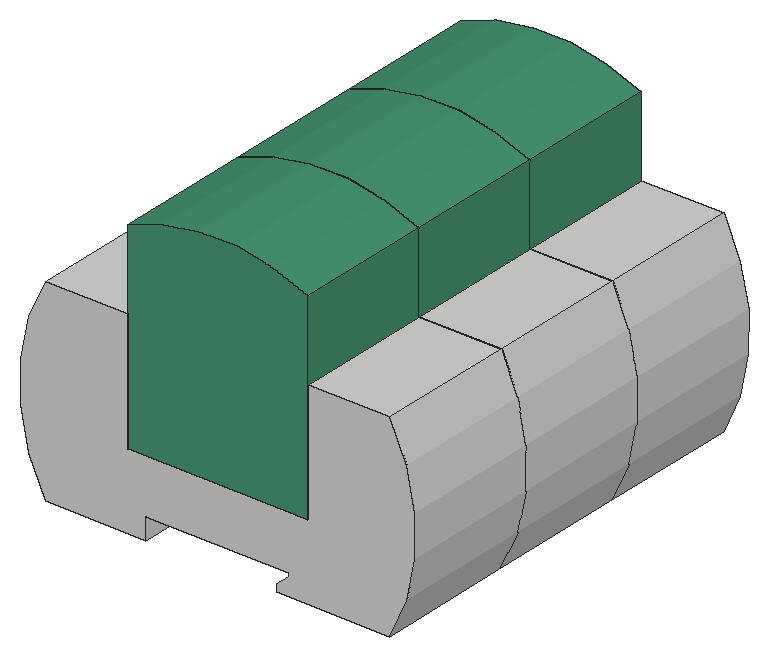
Revit family "Kombiableiter 3-polig", category Generic Models, Revit 2015
Parameters (values of type "MCD 50-B 3")
  Width 1 = 44.9 mm
  Width = 100 mm
  URL = "http://www.obo-bettermann.com"
  Material 2 = PA6 GF20 FR HF RAL 6029
  Material = PA6 MF15 GRAU
  Manufacturer Art.No. = "5096877"
  Manufacturer = "OBO Bettermann"
  Length = 105 mm
  Height 1 = 49.5 mm
  Height = 74.7 mm
  GTIN = "4012195077077"
  Article Type = "MCD 50-B 3"
Reference planes
  plane 1 "Center (Front/Back)": y = 0
  plane 2: z = 0
  plane 3 "Center (Left/Right)": x = 0
  plane 4: z = 49.5
  plane 5: x = -50
  plane 6: x = 50
  plane 7: y = 35
  plane 8: z = 74.7
  plane 9: z = 69.58
  plane 10: y = 70
  plane 11: y = 105
Forms (mm)
  Extrusion 1, solid, material "PA6 MF15 GRAU" <- "Material"
    sketch origin (0, 0, 0) x (1, 0, 0) y (0, 0, 1)
      loop
        line (-18, 0.011) -> (-18, 5.5) -> (18, 5.5) -> (18, 4.48) -> (15, 1.772) -> (15, -0.016) -> (43.44, -0.016)
        arc (43.44, -0.016) -> (49.992, 24.724) -> (43.5, 49.481) r 50.213
        line (43.5, 49.481) -> (22.7, 49.481) -> (22.7, 19) -> (-22.7, 19) -> (-22.7, 49.513) -> (-43.4, 49.513)
        arc (-43.4, 49.513) -> (-50.021, 24.767) -> (-43.44, 0.011) r 49.702
        line (-43.44, 0.011) -> (-18, 0.011)
    from -35 to 0
  Extrusion 2, solid, material "PA6 GF20 FR HF RAL 6029" <- "Material 2"
    sketch origin (0, 0, 0) x (1, 0, 0) y (0, 0, 1)
      loop
        line (-22.7, 69.58) -> (-22.7, 19) -> (22.7, 19) -> (22.7, 69.58)
        arc (22.7, 69.58) -> (0, 74.7) -> (-22.7, 69.58) r 52.881
    from -35 to 0
  Extrusion 3, solid, material "PA6 MF15 GRAU" <- "Material"
    sketch origin (0, 0, 0) x (1, 0, 0) y (0, 0, 1)
      loop
        line (-22.7, 49.513) -> (-43.4, 49.513)
        arc (-43.4, 49.513) -> (-50.021, 24.767) -> (-43.44, 0.011) r 49.702
        line (-43.44, 0.011) -> (-18, 0.011) -> (-18, 5.5) -> (18, 5.5) -> (18, 4.48) -> (15, 1.772) -> (15, -0.016) -> (43.44, -0.016)
        arc (43.44, -0.016) -> (49.992, 24.724) -> (43.5, 49.481) r 50.213
        line (43.5, 49.481) -> (22.7, 49.481) -> (22.7, 19) -> (-22.7, 19) -> (-22.7, 49.513)
    from -70 to -35
  Extrusion 4, solid, material "PA6 MF15 GRAU" <- "Material"
    sketch origin (0, 0, 0) x (1, 0, 0) y (0, 0, 1)
      loop
        line (-22.7, 49.513) -> (-43.4, 49.513)
        arc (-43.4, 49.513) -> (-50.021, 24.767) -> (-43.44, 0.011) r 49.702
        line (-43.44, 0.011) -> (-18, 0.011) -> (-18, 5.5) -> (18, 5.5) -> (18, 4.48) -> (15, 1.772) -> (15, -0.016) -> (43.44, -0.016)
        arc (43.44, -0.016) -> (49.992, 24.724) -> (43.5, 49.481) r 50.213
        line (43.5, 49.481) -> (22.7, 49.481) -> (22.7, 19) -> (-22.7, 19) -> (-22.7, 49.513)
    from -105 to -70
  Extrusion 5, solid, material "PA6 GF20 FR HF RAL 6029" <- "Material 2"
    sketch origin (0, 0, 0) x (1, 0, 0) y (0, 0, 1)
      loop
        line (-22.7, 69.58) -> (-22.7, 19) -> (22.7, 19) -> (22.7, 69.58)
        arc (22.7, 69.58) -> (0, 74.7) -> (-22.7, 69.58) r 52.881
    from -70 to -35
  Extrusion 6, solid, material "PA6 GF20 FR HF RAL 6029" <- "Material 2"
    sketch origin (0, 0, 0) x (1, 0, 0) y (0, 0, 1)
      loop
        line (-22.7, 69.58) -> (-22.7, 19) -> (22.7, 19) -> (22.7, 69.58)
        arc (22.7, 69.58) -> (0, 74.7) -> (-22.7, 69.58) r 52.881
    from -105 to -70
Dimensions and locks
  locked: Extrusion 1 sketch curve to level at 5.5
  locked: Extrusion 1 sketch curve to Extrusion 1 sketch curve at 36
  locked: plane 3 "Center (Left/Right)" to Extrusion 1 sketch curve at 18
  locked: Extrusion 1 sketch curve to Extrusion 1 sketch curve at 33
  locked: Extrusion 1 sketch curve to level at 1.772
  locked: Extrusion 1 sketch curve to Extrusion 1 sketch curve at 1.02
  locked: Extrusion 1 sketch curve to Extrusion 1 sketch curve at 86.88
  locked: plane 3 "Center (Left/Right)" to Extrusion 1 sketch curve at 43.44
  "Height 1": plane 4 to level
  locked: Extrusion 1 sketch curve to Extrusion 1 sketch curve at 86.9
  "Width": plane 6 to plane 5
  locked: plane 3 "Center (Left/Right)" to plane 5 at 50
  locked: plane 3 "Center (Left/Right)" to Extrusion 1 sketch curve at 43.4
  locked: Extrusion 1 sketch curve to Extrusion 1 sketch curve at 45.4
  equal spacing: Extrusion 1 sketch curve, plane 3 "Center (Left/Right)", Extrusion 1 sketch curve, locked at 22.7 each
  locked: plane 4 to Extrusion 1 sketch curve at 30.5
  "Height": plane 8 to level
  plane 8 to plane 9 = 5.12 mm
  locked: plane 7 to plane 1 "Center (Front/Back)" at 35
  locked: plane 10 to plane 7 at 35
  "Length": plane 11 to plane 1 "Center (Front/Back)"
  radius of Extrusion 2 sketch curve = 52.881 mm
  radius of Extrusion 1 sketch curve = 49.702 mm
  radius of Extrusion 1 sketch curve = 50.213 mm
  aligned and locked: level to plane 2
  aligned and locked: plane 7 to Extrusion 1
  aligned and locked: plane 1 "Center (Front/Back)" to Extrusion 1
  aligned and locked: Extrusion 2 sketch curve to Extrusion 1  (x3)
  aligned and locked: plane 9 to Extrusion 2 sketch curve  (x2)
  aligned and locked: Extrusion 1 to Extrusion 2
  aligned and locked: plane 1 "Center (Front/Back)" to Extrusion 2
  aligned and locked: Extrusion 3 sketch curve to Extrusion 1  (x14)
  aligned and locked: plane 10 to Extrusion 3
  aligned and locked: Extrusion 3 to Extrusion 1
  aligned and locked: Extrusion 4 sketch curve to Extrusion 1  (x14)
  aligned and locked: plane 11 to Extrusion 4
  aligned and locked: Extrusion 4 to plane 10
  aligned and locked: Extrusion 5 sketch curve to Extrusion 2  (x4)
  aligned and locked: plane 10 to Extrusion 5
  aligned and locked: Extrusion 5 to Extrusion 1
  aligned and locked: Extrusion 6 sketch curve to Extrusion 2  (x4)
  aligned and locked: plane 11 to Extrusion 6
  aligned and locked: Extrusion 6 to plane 10
Automatic sketch dimensions
  plane 4 to Extrusion 1 sketch curve = 0.013 mm
  Extrusion 1 sketch curve to Extrusion 1 sketch curve = 0.099 mm
  Extrusion 1 sketch curve to level = 0.016 mm
  Extrusion 1 sketch curve to plane 4 = 0.019 mm
